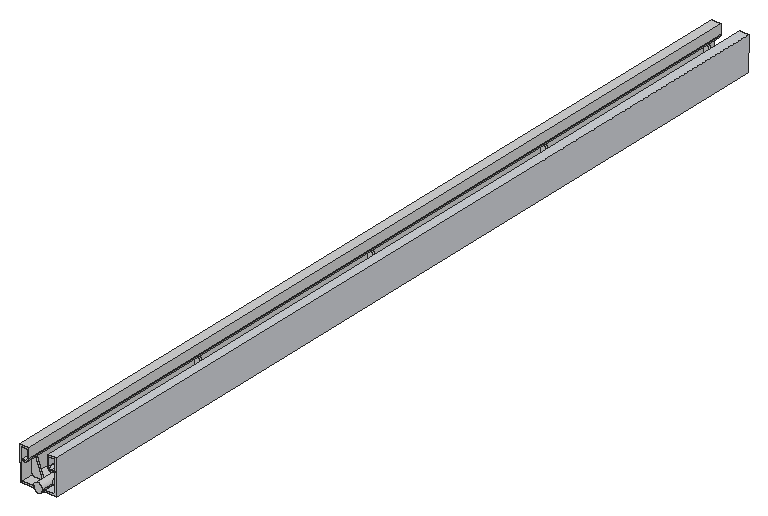
Revit family "ML_ML HINGED OUTSIDE CORNER 8'_1920128", category Generic Models, Revit 2018
Family settings
  Can host rebar = No
  Round Connector Dimension = Use Diameter
  Part Type = Normal
  OmniClass Number = 35.51.14.00
  OmniClass Title = FORMWORK
  Work Plane-Based = Yes
  Always vertical = No
  Cut with Voids When Loaded = No
  Shared = Yes
  Room Calculation Point = No
Parameters
  VERSION = "20190101"  # constant formula
  URL = "www.ulmaconstruction.com/en"
  UNICLASS = ""
  REAL ANGLE [instance] = if(ANGLE > 60.00°, ANGLE, 60.00°)  # 180.00°
  ITEM_CODE = "1920128"
  Manufacturer = "ULMA CONSTRUCTION"  # constant formula
  INSERTION PLANE [instance] = if(REAL ANGLE = 180.00°, 0.000 mm, (4.000 mm) / cos(90.00° - REAL ANGLE) + 4.000 mm * tan(90.00° - REAL ANGLE))  # 0.000 mm
  FILTER [instance] = ""
  Default Elevation = 0.000 mm
  CLASSIFICATION_TITLE = ""
  CLASSIFICATION_NUMBER = ""
  ANGLE [instance] = 180.00°
Reference planes
  plane 1 "Centro (Frontal/Posterior)": y = 0
  plane 2: z = 0
  plane 3 "Centro (Izquierda/Derecha)": x = 0
  plane 4 "ITEM_HEIGHT": y = 2438.4
  plane 5 "CENTER": z = 4
  plane 6 "INSERTION PLANE": x = 0
Forms (mm)
  Extrusion 1, solid, material "ULMA ZINC", detail levels fine
    sketch origin (0, 0, 0) x (-1, 0, 0) y (0, 0, -1)
      loop
        line (12.6, -4) -> (46.8, -4) -> (46.8, -92.5) -> (25.8, -92.5) -> (25.8, -96.5) -> (50.8, -96.5) -> (50.8, 0) -> (12.6, 0) -> (12.6, -4)
    from -2438.4 to 0
  Extrusion 2, solid, material "ULMA ZINC", detail levels fine
    sketch origin (0, 0, 0) x (1, 0, 0) y (0, 0, 1)
      loop
        arc (-28.3, 68.571) -> (-28.49, 67.614) -> (-29.032, 66.803) r 2.5
        line (-29.032, 66.803) -> (-35.103, 60.732)
        arc (-35.103, 60.732) -> (-35.914, 60.19) -> (-36.871, 60) r 2.5
        line (-36.871, 60) -> (-46.8, 60) -> (-46.8, 57.5) -> (-36.871, 57.5)
        arc (-36.871, 57.5) -> (-34.958, 57.881) -> (-33.336, 58.964) r 5
        line (-33.336, 58.964) -> (-27.264, 65.036)
        arc (-27.264, 65.036) -> (-26.181, 66.658) -> (-25.8, 68.571) r 5
        line (-25.8, 68.571) -> (-25.8, 92.5) -> (-28.3, 92.5) -> (-28.3, 68.571)
    from -2438.4 to 0
  Extrusion 3, solid, material "ULMA ZINC", detail levels fine
    sketch origin (0, 0, 0) x (1, 0, 0) y (0, 0, 1)
      loop
        circle (0, 4) r 12.5
    from -2438.4 to 0
  Extrusion 4, solid, material "ULMA ZINC", detail levels fine
    sketch origin (0, 0, 0) x (1, 0, 0) y (0, 0, 1)
      loop
        line (-12.8, 4) -> (-33.3, 57.5) -> (-46.8, 57.5) -> (-46.8, 14) -> (-36.8, 4) -> (-12.8, 4)
    from -33 to -37
  Extrusion 5, solid, material "ULMA ZINC", detail levels fine
    sketch origin (0, 0, 0) x (1, 0, 0) y (0, 0, 1)
      loop
        line (-12.8, 4) -> (-33.3, 57.5) -> (-46.8, 57.5) -> (-46.8, 14) -> (-36.8, 4) -> (-12.8, 4)
    from -2401.4 to -2405.4
  Extrusion 6, solid, material "ULMA ZINC", detail levels fine
    sketch origin (0, 0, 0) x (1, 0, 0) y (0, 0, 1)
      loop
        line (-12.8, 4) -> (-33.3, 57.5) -> (-46.8, 57.5) -> (-46.8, 14) -> (-36.8, 4) -> (-12.8, 4)
    from -607.6 to -611.6
  Extrusion 7, solid, material "ULMA ZINC", detail levels fine
    sketch origin (0, 0, 0) x (1, 0, 0) y (0, 0, 1)
      loop
        line (-12.8, 4) -> (-33.3, 57.5) -> (-46.8, 57.5) -> (-46.8, 14) -> (-36.8, 4) -> (-12.8, 4)
    from -1217.2 to -1221.2
  Extrusion 8, solid, material "ULMA ZINC", detail levels fine
    sketch origin (0, 0, 0) x (1, 0, 0) y (0, 0, 1)
      loop
        line (-12.8, 4) -> (-33.3, 57.5) -> (-46.8, 57.5) -> (-46.8, 14) -> (-36.8, 4) -> (-12.8, 4)
    from -1826.8 to -1830.8
Cuts and joins
  joined: Extrusion 1, Extrusion 2, Extrusion 4
Lines and regions (mm)
  model lines, style "ULMA PANELS", detail levels fine
    curve 1: circle (-50.8, 152.4, 38.1) r 10 normal (1, 0, 0)
    curve 2: circle (-46.8, 152.4, 38.1) r 10 normal (1, 0, 0)
    curve 3: circle (-46.8, 457.2, 38.1) r 10 normal (1, 0, 0)
    curve 4: circle (-46.8, 762, 38.1) r 10 normal (1, 0, 0)
    curve 5: circle (-46.8, 1066.8, 38.1) r 10 normal (1, 0, 0)
    curve 6: circle (-50.8, 457.2, 38.1) r 10 normal (1, 0, 0)
    curve 7: circle (-50.8, 762, 38.1) r 10 normal (1, 0, 0)
    curve 8: circle (-50.8, 1066.8, 38.1) r 10 normal (1, 0, 0)
    curve 17: circle (-46.8, 1371.6, 38.1) r 10 normal (1, 0, 0)
    curve 18: circle (-46.8, 1676.4, 38.1) r 10 normal (1, 0, 0)
    curve 19: circle (-46.8, 1981.2, 38.1) r 10 normal (1, 0, 0)
    curve 20: circle (-46.8, 2286, 38.1) r 10 normal (1, 0, 0)
    curve 21: circle (-50.8, 1371.6, 38.1) r 10 normal (1, 0, 0)
    curve 22: circle (-50.8, 1676.4, 38.1) r 10 normal (1, 0, 0)
    curve 23: circle (-50.8, 1981.2, 38.1) r 10 normal (1, 0, 0)
    curve 24: circle (-50.8, 2286, 38.1) r 10 normal (1, 0, 0)
  model lines, style "ULMA PANELS", detail levels medium
    curve 9: line (0, 2438.4, 0) -> (-50.8, 2438.4, 0)
    curve 10: line (-50.8, 2438.4, 0) -> (-50.8, 0, 0)
    curve 11: line (-50.8, 0, 0) -> (0, 0, 0)
    curve 12: line (0, 0, 0) -> (0, 2438.4, 0)
    curve 13: line (-50.8, 0, 0) -> (-50.8, 0, 96.5)
    curve 14: line (-50.8, 0, 96.5) -> (-50.8, 2438.4, 96.5)
    curve 15: line (-50.8, 2438.4, 96.5) -> (-50.8, 2438.4, 0)
  reference lines
    curve 16: line (0, 0, 4) -> (209.588, 0, 4)
Dimensions and locks
  locked: plane 1 "Centro (Frontal/Posterior)" to curve 2 at 152.4
  locked: plane 1 "Centro (Frontal/Posterior)" to plane 4 "ITEM_HEIGHT" at 2438.4
  locked: curve 1 to plane 1 "Centro (Frontal/Posterior)" at 152.4
  locked: plane 5 "CENTER" to plane 2 at 4
  "INSERTION PLANE": plane 3 "Centro (Izquierda/Derecha)" to plane 6 "INSERTION PLANE"
  "REAL ANGLE": angle plane 5 "CENTER" to curve 16
  aligned and locked: level to plane 2
  aligned and locked: plane 4 "ITEM_HEIGHT" to Extrusion 3
  aligned and locked: Extrusion 3 to Extrusion 1
  aligned and locked: Extrusion 1 to Extrusion 2
  aligned and locked: plane 3 "Centro (Izquierda/Derecha)" to curve 16
  aligned and locked: nested 1 to plane 4 "ITEM_HEIGHT"
  aligned and locked: nested 1 to plane 1 "Centro (Frontal/Posterior)"
  aligned and locked: plane 5 "CENTER" to curve 16
  aligned and locked: curve 16 to nested 1
Automatic sketch dimensions
  Extrusion 1 sketch curve to level = 0.000 mm
  Extrusion 1 sketch curve to level = 4.000 mm
  plane 3 "Centro (Izquierda/Derecha)" to Extrusion 1 sketch curve = 12.600 mm
  plane 3 "Centro (Izquierda/Derecha)" to Extrusion 1 sketch curve = 25.800 mm
  Extrusion 1 sketch curve to Extrusion 1 sketch curve = 34.200 mm
  Extrusion 1 sketch curve to Extrusion 1 sketch curve = 4.000 mm  (x2)
  Extrusion 1 sketch curve to Extrusion 1 sketch curve = 88.500 mm
  Extrusion 2 sketch curve to Extrusion 2 sketch curve = 0.000 mm  (x4)
  Extrusion 2 sketch curve to plane 3 "Centro (Izquierda/Derecha)" = 46.800 mm
  Extrusion 2 sketch curve to Extrusion 2 sketch curve = 9.929 mm
  Extrusion 2 sketch curve to Extrusion 2 sketch curve = 1.768 mm  (x4)
  Extrusion 2 sketch curve to Extrusion 2 sketch curve = 6.071 mm  (x2)
  Extrusion 2 sketch curve to Extrusion 2 sketch curve = 2.500 mm  (x3)
  level to Extrusion 2 sketch curve = 57.500 mm
  Extrusion 2 sketch curve to Extrusion 2 sketch curve = 1.464 mm
  Extrusion 2 sketch curve to Extrusion 2 sketch curve = 23.929 mm
  Extrusion 3 sketch curve to plane 3 "Centro (Izquierda/Derecha)" = 0.000 mm
  level to Extrusion 3 sketch curve = 4.000 mm
  curve 9 to plane 4 "ITEM_HEIGHT" = 0.000 mm
  plane 1 "Centro (Frontal/Posterior)" to curve 10 = 0.000 mm
  curve 9 to plane 3 "Centro (Izquierda/Derecha)" = 0.000 mm
  curve 11 to plane 3 "Centro (Izquierda/Derecha)" = 50.800 mm
  curve 13 to Extrusion 1 = 0.000 mm  (x3)
  curve 15 to Extrusion 1 = 0.000 mm  (x2)
  Extrusion 4 sketch curve to plane 5 "CENTER" = 0.000 mm
  Extrusion 4 sketch curve to plane 3 "Centro (Izquierda/Derecha)" = 46.800 mm
  Extrusion 4 sketch curve to Extrusion 4 sketch curve = 10.000 mm
  Extrusion 4 sketch curve to Extrusion 4 sketch curve = 13.500 mm
  Extrusion 4 sketch curve to plane 3 "Centro (Izquierda/Derecha)" = 12.800 mm
  plane 5 "CENTER" to Extrusion 4 sketch curve = 10.000 mm
  Extrusion 4 sketch curve to Extrusion 4 sketch curve = 43.500 mm
  Extrusion 5 sketch curve to plane 5 "CENTER" = 0.000 mm
  plane 5 "CENTER" to Extrusion 5 sketch curve = 10.000 mm
  Extrusion 5 sketch curve to plane 3 "Centro (Izquierda/Derecha)" = 46.800 mm
  Extrusion 5 sketch curve to Extrusion 5 sketch curve = 10.000 mm
  Extrusion 5 sketch curve to Extrusion 5 sketch curve = 13.500 mm
  Extrusion 5 sketch curve to plane 3 "Centro (Izquierda/Derecha)" = 12.800 mm
  Extrusion 5 sketch curve to Extrusion 5 sketch curve = 43.500 mm
  Extrusion 6 sketch curve to plane 5 "CENTER" = 0.000 mm
  plane 5 "CENTER" to Extrusion 6 sketch curve = 10.000 mm
  Extrusion 6 sketch curve to plane 3 "Centro (Izquierda/Derecha)" = 46.800 mm
  Extrusion 6 sketch curve to Extrusion 6 sketch curve = 10.000 mm
  Extrusion 6 sketch curve to Extrusion 6 sketch curve = 13.500 mm
  Extrusion 6 sketch curve to plane 3 "Centro (Izquierda/Derecha)" = 12.800 mm
  Extrusion 6 sketch curve to Extrusion 6 sketch curve = 43.500 mm
  Extrusion 7 sketch curve to plane 5 "CENTER" = 0.000 mm
  plane 5 "CENTER" to Extrusion 7 sketch curve = 10.000 mm
  Extrusion 7 sketch curve to plane 3 "Centro (Izquierda/Derecha)" = 46.800 mm
  Extrusion 7 sketch curve to Extrusion 7 sketch curve = 10.000 mm
  Extrusion 7 sketch curve to Extrusion 7 sketch curve = 13.500 mm
  Extrusion 7 sketch curve to plane 3 "Centro (Izquierda/Derecha)" = 12.800 mm
  Extrusion 7 sketch curve to Extrusion 7 sketch curve = 43.500 mm
  Extrusion 8 sketch curve to plane 5 "CENTER" = 0.000 mm
  plane 5 "CENTER" to Extrusion 8 sketch curve = 10.000 mm
  Extrusion 8 sketch curve to plane 3 "Centro (Izquierda/Derecha)" = 46.800 mm
  Extrusion 8 sketch curve to Extrusion 8 sketch curve = 10.000 mm
  Extrusion 8 sketch curve to Extrusion 8 sketch curve = 13.500 mm
  Extrusion 8 sketch curve to plane 3 "Centro (Izquierda/Derecha)" = 12.800 mm
  Extrusion 8 sketch curve to Extrusion 8 sketch curve = 43.500 mm
  plane 5 "CENTER" to curve 1 = 34.100 mm
  curve 1 to plane 1 "Centro (Frontal/Posterior)" = 152.400 mm
  plane 5 "CENTER" to curve 6 = 34.100 mm
  curve 6 to curve 1 = 304.800 mm
  plane 5 "CENTER" to curve 7 = 34.100 mm
  curve 7 to curve 6 = 304.800 mm
  plane 5 "CENTER" to curve 8 = 34.100 mm
  curve 8 to curve 7 = 304.800 mm
  plane 5 "CENTER" to curve 21 = 34.100 mm
  curve 21 to curve 8 = 304.800 mm
  plane 5 "CENTER" to curve 22 = 34.100 mm
  curve 22 to curve 21 = 304.800 mm
  plane 5 "CENTER" to curve 23 = 34.100 mm
  curve 23 to curve 22 = 304.800 mm
  plane 5 "CENTER" to curve 24 = 34.100 mm
  curve 24 to plane 4 "ITEM_HEIGHT" = 152.400 mm
  plane 5 "CENTER" to curve 2 = 34.100 mm
  curve 2 to plane 1 "Centro (Frontal/Posterior)" = 152.400 mm
  plane 5 "CENTER" to curve 3 = 34.100 mm
  curve 2 to curve 3 = 304.800 mm
  plane 5 "CENTER" to curve 4 = 34.100 mm
  curve 3 to curve 4 = 304.800 mm
  plane 5 "CENTER" to curve 5 = 34.100 mm
  curve 4 to curve 5 = 304.800 mm
  plane 5 "CENTER" to curve 17 = 34.100 mm
  curve 5 to curve 17 = 304.800 mm
  plane 5 "CENTER" to curve 18 = 34.100 mm
  curve 17 to curve 18 = 304.800 mm
  plane 5 "CENTER" to curve 19 = 34.100 mm
  curve 18 to curve 19 = 304.800 mm
  plane 5 "CENTER" to curve 20 = 34.100 mm
  curve 20 to plane 4 "ITEM_HEIGHT" = 152.400 mm
  radius of Extrusion 3 sketch curve = 12.500 mm
  radius of curve 1 = 10.000 mm
  radius of curve 6 = 10.000 mm
  radius of curve 7 = 10.000 mm
  radius of curve 8 = 10.000 mm
  radius of curve 21 = 10.000 mm
  radius of curve 22 = 10.000 mm
  radius of curve 23 = 10.000 mm
  radius of curve 24 = 10.000 mm
  radius of curve 2 = 10.000 mm
  radius of curve 3 = 10.000 mm
  radius of curve 4 = 10.000 mm
  radius of curve 5 = 10.000 mm
  radius of curve 17 = 10.000 mm
  radius of curve 18 = 10.000 mm
  radius of curve 19 = 10.000 mm
  radius of curve 20 = 10.000 mm
Nested families
  nested 1: "LATERAL - 1920122_PANELS" at (0, 2438.4, 0), type "LATERAL - 1920122_PANELS"
    with FILTER ""
Definition of nested family "LATERAL - 1920122_PANELS"
  Parameters (values of type "LATERAL - 1920122_PANELS")
    VERSION = "20190101"  # constant formula
    URL = "www.ulmaconstruction.com/en"
    UNICLASS = ""
    Manufacturer = "ULMA CONSTRUCTION"  # constant formula
    FILTER [instance] = ""
    Default Elevation = 0.000 mm
    CLASSIFICATION_TITLE = ""
    CLASSIFICATION_NUMBER = ""
  Reference planes
    plane 1 "Centro (Frontal/Posterior)": y = 0
    plane 2: z = 0
    plane 3 "Centro (Izquierda/Derecha)": x = 0
    plane 4 "ITEM_HEIGHT": y = 2438.4
  Forms (mm)
    Extrusion 1, solid, detail levels fine
      sketch origin (0, 0, 0) x (1, 0, 0) y (0, 0, 1)
        loop
          line (12.6, 4) -> (12.6, 0) -> (50.8, 0) -> (50.8, 96.5) -> (25.8, 96.5) -> (25.8, 92.5) -> (46.8, 92.5) -> (46.8, 4) -> (12.6, 4)
      from -2438.4 to 0
    Extrusion 2, solid, detail levels fine
      sketch origin (0, 0, 0) x (-1, 0, 0) y (0, 0, -1)
        loop
          line (-28.3, -68.571) -> (-28.3, -92.5) -> (-25.8, -92.5) -> (-25.8, -68.571)
          arc (-25.8, -68.571) -> (-26.181, -66.658) -> (-27.264, -65.036) r 5
          line (-27.264, -65.036) -> (-33.336, -58.964)
          arc (-33.336, -58.964) -> (-34.958, -57.881) -> (-36.871, -57.5) r 5
          line (-36.871, -57.5) -> (-46.8, -57.5) -> (-46.8, -60) -> (-36.871, -60)
          arc (-36.871, -60) -> (-35.914, -60.19) -> (-35.103, -60.732) r 2.5
          line (-35.103, -60.732) -> (-29.032, -66.803)
          arc (-29.032, -66.803) -> (-28.49, -67.614) -> (-28.3, -68.571) r 2.5
      from -2438.4 to 0
    Extrusion 3, solid, detail levels fine
      sketch origin (0, 0, 0) x (1, 0, 0) y (0, 0, 1)
        loop
          line (12.8, 4) -> (36.8, 4) -> (46.8, 14) -> (46.8, 57.5) -> (33.3, 57.5) -> (12.8, 4)
      from -37 to -33
    Extrusion 4, solid, detail levels fine
      sketch origin (0, 0, 0) x (1, 0, 0) y (0, 0, 1)
        loop
          line (12.8, 4) -> (36.8, 4) -> (46.8, 14) -> (46.8, 57.5) -> (33.3, 57.5) -> (12.8, 4)
      from -611.6 to -607.6
    Extrusion 5, solid, detail levels fine
      sketch origin (0, 0, 0) x (1, 0, 0) y (0, 0, 1)
        loop
          line (12.8, 4) -> (36.8, 4) -> (46.8, 14) -> (46.8, 57.5) -> (33.3, 57.5) -> (12.8, 4)
      from -1221.2 to -1217.2
    Extrusion 6, solid, detail levels fine
      sketch origin (0, 0, 0) x (1, 0, 0) y (0, 0, 1)
        loop
          line (12.8, 4) -> (36.8, 4) -> (46.8, 14) -> (46.8, 57.5) -> (33.3, 57.5) -> (12.8, 4)
      from -1830.8 to -1826.8
    Extrusion 7, solid, detail levels fine
      sketch origin (0, 0, 0) x (1, 0, 0) y (0, 0, 1)
        loop
          line (12.8, 4) -> (36.8, 4) -> (46.8, 14) -> (46.8, 57.5) -> (33.3, 57.5) -> (12.8, 4)
      from -2405.4 to -2401.4
  Lines and regions (mm)
    model lines, detail levels medium
      curve 1: line (0, 2438.4, 0) -> (50.8, 2438.4, 0)
      curve 2: line (50.8, 0, 0) -> (0, 0, 0)
      curve 5: line (50.8, 2438.4, 0) -> (50.8, 0, 0)
      curve 6: line (50.8, 0, 0) -> (50.8, 0, 96.5)
      curve 7: line (50.8, 0, 96.5) -> (50.8, 2438.4, 96.5)
      curve 8: line (50.8, 2438.4, 96.5) -> (50.8, 2438.4, 0)
    model lines, detail levels fine
      curve 3: circle (50.8, 152.4, 38.1) r 10 normal (1, 0, 0)
      curve 4: circle (46.8, 152.4, 38.1) r 10 normal (1, 0, 0)
      curve 9: circle (50.8, 457.2, 38.1) r 10 normal (1, 0, 0)
      curve 10: circle (50.8, 762, 38.1) r 10 normal (1, 0, 0)
      curve 11: circle (50.8, 1066.8, 38.1) r 10 normal (1, 0, 0)
      curve 12: circle (46.8, 457.2, 38.1) r 10 normal (1, 0, 0)
      curve 13: circle (46.8, 762, 38.1) r 10 normal (1, 0, 0)
      curve 14: circle (46.8, 1066.8, 38.1) r 10 normal (1, 0, 0)
      curve 15: circle (50.8, 1371.6, 38.1) r 10 normal (1, 0, 0)
      curve 16: circle (50.8, 1676.4, 38.1) r 10 normal (1, 0, 0)
      curve 17: circle (50.8, 1981.2, 38.1) r 10 normal (1, 0, 0)
      curve 18: circle (50.8, 2286, 38.1) r 10 normal (1, 0, 0)
      curve 19: circle (46.8, 1371.6, 38.1) r 10 normal (1, 0, 0)
      curve 20: circle (46.8, 1676.4, 38.1) r 10 normal (1, 0, 0)
      curve 21: circle (46.8, 1981.2, 38.1) r 10 normal (1, 0, 0)
      curve 22: circle (46.8, 2286, 38.1) r 10 normal (1, 0, 0)
  Dimensions and locks
    locked: plane 1 "Centro (Frontal/Posterior)" to plane 4 "ITEM_HEIGHT" at 2438.4
    locked: plane 1 "Centro (Frontal/Posterior)" to curve 3 at 152.4
    locked: curve 4 to plane 1 "Centro (Frontal/Posterior)" at 152.4
    aligned and locked: level to plane 2
    aligned and locked: Extrusion 2 to Extrusion 1
    aligned and locked: plane 4 "ITEM_HEIGHT" to Extrusion 1
